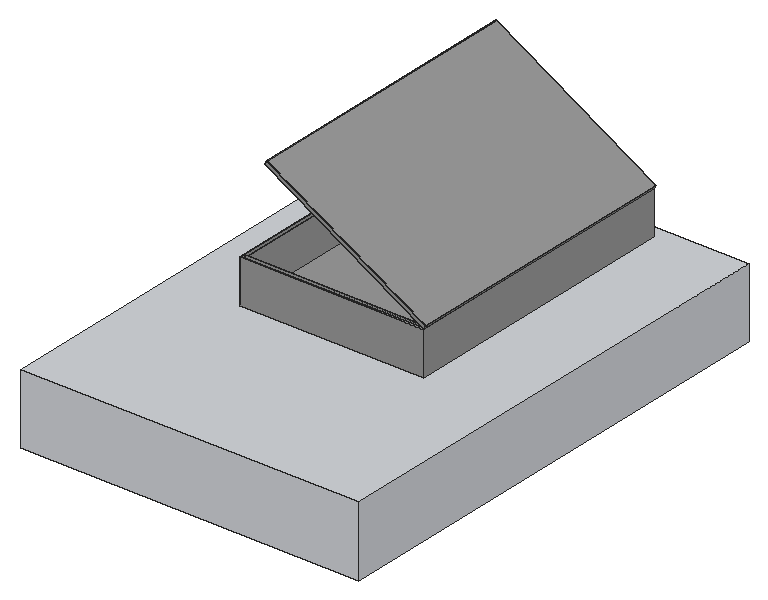
Revit family "Hager-Univers-IP44-D205-H1250-Cl.I-Encl-CH-fr", category Equipement électrique, Revit 2020
Family settings
  Hôte = Face
  Configuration du panneau = Deux colonnes, circuits au sein
  Cote de connecteur circulaire = Utiliser le diamètre
  Type d'élément = Tableau de raccordement
  Couper avec des vides une fois chargée = Non
  Partagée = Non
  Point de calcul de pièce = Non
Parameters (values of type "saillie IP44 L800 H1250 P205  - FP83TN2")
  Width Control [instance] = if([EF000008 - largeur] > Min Width, [EF000008 - largeur], Min Width)  # 800 mm
  Commentaires du type = [HG000003 - Gamme]  # "Univers"
  Thickness Door [instance] = if([EF009171 - épaisseur de matériau de la porte/du couvercle] > 3 mm, 3 mm, [EF009171 - épaisseur de matériau de la porte/du couvercle])  # 1 mm
  Seal Frame Offset [instance] = 17 mm  # constant formula
  Plinth Visibility [instance] = [HG000027 - Hauteur du socle] > 0 mm  # no
  Model = ""
  Min Width [instance] = 100 mm  # constant formula
  Min Height [instance] = 100 mm  # constant formula
  Min Depth [instance] = (2 * [EF009170 - épaisseur de matériau du boîtier]) + 1 mm  # 3 mm
  Internal Frame Depth [instance] = (Door System Depth * 0.5)  # 9 mm
  Height Control [instance] = if([EF000040 - hauteur] > Min Height, [EF000040 - hauteur], Min Height)  # 1250 mm
  HG000027 - Hauteur du socle = 0 mm
  HG000026 - Installation au sol = no
  HG000024 - Hauteur de la section basse = 800 mm
  HG000023 - Armoire double section = no
  HG000016 - Visibilité de la porte 3D [instance] = yes
  HG000015 - Visibilité de l'emprise de la porte [instance] = no
  HG000014 - Porte à droite [instance] = yes
  HG000013 - Porte à gauche [instance] = not([HG000014 - Porte à droite])  # no
  HG000012 - Angle de pivotement de la porte [instance] = 30.00°
  HG000010 - Portes asymétriques = no
  HG000009 - Porte à double battant = no
  HG000006 - Encastré = no
  HG000004 - Référence fabricant = "FP83TN2"
  HG000003 - Gamme = "Univers"
  HG000002 - avec porte = yes
  Frame Offset Bottom [instance] = 10 mm  # constant formula
  Frame Offset [instance] = 15 mm  # constant formula
  EF015940 - couvercle avec décharge de pression = no
  EF011959 - degré de protection (NEMA) = ""
  EF009554 - nombre d'ouvertures pour plaques à bride = 6
  Fabricant = "Hager"  # constant formula
  EF009212 - finition du couvercle = "EV000116 - fermé"
  EF009171 - épaisseur de matériau de la porte/du couvercle = 1 mm
  EF009170 - épaisseur de matériau du boîtier = 1 mm
  EF008873 - courant nominal (In) = 250 A
  EF007800 - adapté à un parafoudre = no
  EF006306 - avec serrure = no
  EF006244 - couvercle/porte transparent(e) = no
  EF005474 - indice de protection (IP) = "EV006418 - IP44"
  EF004464 - type de porte = "EV002646 - unique"
  EF004427 - nombre de modules = 288
  EF004293 - indice de protection contre les chocs (IK) = "EV006815 - IK09"
  EF003532 - convient pour utilisation à l’extérieur = no
  EF002950 - largeur en nombre de modules = 36
  EF001613 - maintien de fonction = "EV000494 - sans"
  EF001596 - matériau du boîtier/corps = "EV000179 - acier"
  EF001131 - profondeur intérieure = 130 mm
  EF001088 - possibilité de montage en saillie = yes
  EF000437 - nombre d'entrées de conduit = 6
  EF000339 - type de capot = "EV001012 - couvercle"
  EF000266 - nombre de rangées = 8
  EF000218 - profondeur d'encastrement = 205 mm
  EF000118 - avec cadre/support de montage = no
  EF000116 - numéro RAL = "9010"
  EF000049 - profondeur = 205 mm
  EF000040 - hauteur = 1250 mm
  EF000008 - largeur = 800 mm
  EF000007 - couleur = "EV000202 - blanc"
  EF000003 - mode de pose = "EV000384 - saillie"
  Door System Leaf Tolerance [instance] = 1.5 mm  # constant formula
  Door System Depth [instance] = 18 mm  # constant formula
  Door Height [instance] = Height Control - [HG000027 - Hauteur du socle]  # 1250 mm
  Depth Control [instance] = if([EF000049 - profondeur] > Min Depth, [EF000049 - profondeur], Min Depth)  # 205 mm
  Default Elevation = 0 mm
  Connector Offset [instance] = Height Control / 2  # 625 mm
  Bottom Top Plate Trim [instance] = 1.5 mm  # constant formula
  Plinth height Ctrl [instance] = if([HG000027 - Hauteur du socle] > 0 mm, [HG000027 - Hauteur du socle], 12 mm)  # 12 mm
Types (10, lengths in mm): name | Width Control | HG000010 - Portes asymétriques | HG000009 - Porte à double battant | HG000004 - Référence fabricant | EF009554 - nombre d'ouvertures pour plaques à bride | EF004464 - type de porte | EF004427 - nombre de modules | EF002950 - largeur en nombre de modules | EF000437 - nombre d'entrées de conduit | EF000218 - profondeur d'encastrement | EF000008 - largeur
  saillie IP44 L1050 H1250 P205  - FP84QT | 1050 | no | no | "FP84QT" | 8 | "EV003602 - double" | 384 | 48 | 8 | 0 | 1050
  saillie IP44 L1050 H1250 P205  - FP84TN2 | 1050 | no | yes | "FP84TN2" | 8 | "EV003602 - double" | 384 | 48 | 8 | 205 | 1050
  saillie IP44 L1300 H1250 P205  - FP85QT | 1300 | no | no | "FP85QT" | 10 | "EV003602 - double" | 480 | 60 | 10 | 0 | 1300
  saillie IP44 L1300 H1250 P205  - FP85TN2 | 1300 | yes | yes | "FP85TN2" | 10 | "EV003602 - double" | 480 | 60 | 10 | 205 | 1300
  saillie IP44 L300 H1250 P205  - FP81QT | 300 | no | no | "FP81QT" | 2 | "EV002646 - unique" | 96 | 12 | 2 | 0 | 300
  saillie IP44 L300 H1250 P205  - FP81TN2 | 300 | no | no | "FP81TN2" | 2 | "EV002646 - unique" | 96 | 12 | 2 | 205 | 300
  saillie IP44 L550 H1250 P205  - FP82QT | 550 | no | no | "FP82QT" | 4 | "EV002646 - unique" | 192 | 24 | 4 | 0 | 550
  saillie IP44 L550 H1250 P205  - FP82TN2 | 550 | no | no | "FP82TN2" | 4 | "EV002646 - unique" | 192 | 24 | 4 | 205 | 550
  saillie IP44 L800 H1250 P205  - FP83QT | 800 | no | no | "FP83QT" | 6 | "EV002646 - unique" | 288 | 36 | 6 | 0 | 800
  saillie IP44 L800 H1250 P205  - FP83TN2 | 800 | no | no | "FP83TN2" | 6 | "EV002646 - unique" | 288 | 36 | 6 | 205 | 800
Reference planes
  plane 1 "Center (Front/Back)": y = 0
  plane 2: z = 0
  plane 3 "Center (Left/Right)": x = 0
  plane 4: z = 205
  plane 5: y = 1
  plane 6: y = 625
  plane 7: y = 0
  plane 8: y = 1250
  plane 9: z = 0
  plane 10: x = -385
  plane 11: x = 385
  plane 12: x = 384
  plane 13: x = -384
  plane 14: y = 1249
  plane 15: x = -383
  plane 16: x = -400
  plane 17: x = 383
  plane 18: x = 400
  plane 19: x = 399
  plane 20: x = -399
  plane 21: y = 11
  plane 22: y = 1250
  plane 23: y = 1234
  plane 24: z = 187
  plane 25: z = 1
  plane 26: z = 186
  plane 27: z = 204
Forms (mm)
  Extrusion 1, solid
    sketch origin (0, 0, 0) x (1, 0, 0) y (0, 1, 0)
      loop
        line (-702.964, 1305) -> (-702.964, -811.445) -> (766.763, -811.445) -> (766.763, 1305) -> (-702.964, 1305)
    from 0 to -304.8
  Extrusion 2, solid, material "Hager_Steel_RAL7035_Light_Grey", visible <- "Plinth Visibility", detail levels medium+fine
    sketch origin (0, 0, 0) x (1, 0, 0) y (0, 1, 0)
      loop
        line (-400, 0) -> (400, 0) -> (400, 12) -> (-400, 12) -> (-400, 0)
    from 0 to 187
  Extrusion 3, solid, material "Hager_Steel_RAL7035_Light_Grey", detail levels medium+fine
    sketch origin (0, 0, 0) x (1, 0, 0) y (0, 1, 0)
      loop
        line (-400, 0) -> (400, 0) -> (400, 1250) -> (-400, 1250) -> (-400, 0)
    from 0 to 187
  Extrusion 4, void
    sketch origin (0, 0, 0) x (1, 0, 0) y (0, 1, 0)
      loop
        line (-399, 1) -> (399, 1) -> (399, 1249) -> (-399, 1249) -> (-399, 1)
    from 1 to 186
  Extrusion 5, void
    sketch origin (-381.607, -4572, 187) x (0, -1, 0) y (-1, 0, 0)
      loop
        line (-4583, 2.393) -> (-5806, 2.393) -> (-5806, -765.607) -> (-4583, -765.607) -> (-4583, 2.393)
    from 0 to 1 <- "EF009170 - épaisseur de matériau du boîtier"
  Extrusion 6, solid, material "Hager_Steel_RAL7035_Light_Grey", detail levels fine
    sketch origin (0, 0, 187) x (1, 0, 0) y (0, 1, 0)
      loop
        line (-384, 1234) -> (-384, 11) -> (384, 11) -> (384, 1234) -> (-384, 1234)
      loop
        line (-385, 10) -> (385, 10) -> (385, 1235) -> (-385, 1235) -> (-385, 10)
    from 0 to 9 <- "Internal Frame Depth"
  Extrusion 7, solid, material "Hager_Steel_RAL7035_Light_Grey", detail levels coarse
    sketch origin (0, 0, 0) x (1, 0, 0) y (0, 1, 0)
      loop
        line (-400, 0) -> (400, 0) -> (400, 1250) -> (-400, 1250) -> (-400, 0)
    from 0 to 205
  Sweep 8, void
    path in 3D
      loop
        line (-400, 12, 0) -> (400, 12, 0) -> (400, 12, 187) -> (-400, 12, 187) -> (-400, 12, 0)
    profile origin (-400, 12, 93.5) x (-1, 0, 0) y (0, -1, 0)
      loop
        line (0, 0) -> (0, 1.5) -> (-1.5, 1.5)
        arc (-1.5, 1.5) -> (-1.061, 0.439) -> (0, 0) r 1.5
Cuts and joins
  Extrusion 4, Extrusion 5 cuts Extrusion 3
  Sweep 8 cuts Extrusion 2
Lines and regions (mm)
  Masking region 1
    outline origin (0, 0, 0) x (1, 0, 0) y (0, 0, 1)
      loop
        line (-400, 205) -> (-400, 0) -> (400, 0) -> (400, 205) -> (-400, 205)
  Masking region 2, detail levels medium+fine
    outline origin (0, 140, 0) x (0, 1, 0) y (0, 0, 1)
      loop
        line (-140, 0) -> (1110, 0) -> (1110, 187) -> (-140, 187) -> (-140, 0)
  Masking region 3, not visible, detail levels medium+fine
    outline origin (0, 297.922, 0) x (0, 1, 0) y (0, 0, 1)
      loop
        line (338.578, 0) -> (378.578, 0) -> (378.578, 194)
        arc (378.578, 194) -> (375.649, 201.071) -> (368.578, 204) r 10
        line (368.578, 204) -> (338.578, 204) -> (338.578, 0)
  Masking region 4, detail levels coarse
    outline origin (0, 0, 180) x (0, 1, 0) y (0, 0, 1)
      loop
        line (0, -180) -> (1250, -180) -> (1250, 25) -> (0, 25) -> (0, -180)
  Masking region 5, visible <- "Plinth Visibility", detail levels medium+fine
    outline origin (0, 52.24, 12.345) x (0, 0, -1) y (0, 1, 0)
      loop
        line (10.845, -40.24) -> (-173.155, -40.24)
        arc (-173.155, -40.24) -> (-173.594, -41.301) -> (-174.655, -41.74) r 1.5
        line (-174.655, -41.74) -> (-174.655, -52.24) -> (12.345, -52.24) -> (12.345, -41.74)
        arc (12.345, -41.74) -> (11.285, -41.301) -> (10.845, -40.24) r 1.5
  Masking region 6, detail levels medium+fine
    outline origin (-381.607, -4572, 187) x (-1, 0, 0) y (0, -1, 0)
      loop
        line (18.393, -5822) -> (18.393, -4572) -> (-781.607, -4572) -> (-781.607, -5822) -> (18.393, -5822)
  Masking region 7, visible <- "Plinth Visibility", detail levels medium+fine
    outline origin (-381.607, -4727, 187) x (-1, 0, 0) y (0, -1, 0)
      loop
        arc (16.893, -4739) -> (17.332, -4737.939) -> (18.393, -4737.5) r 1.5
        line (18.393, -4737.5) -> (18.393, -4727) -> (-781.607, -4727) -> (-781.607, -4737.5)
        arc (-781.607, -4737.5) -> (-780.546, -4737.939) -> (-780.107, -4739) r 1.5
        line (-780.107, -4739) -> (16.893, -4739)
  Masking region 8, detail levels coarse
    outline origin (-442.548, -4669.526, 187) x (-1, 0, 0) y (0, -1, 0)
      loop
        line (-42.548, -5919.526) -> (-42.548, -4669.526) -> (-842.548, -4669.526) -> (-842.548, -5919.526) -> (-42.548, -5919.526)
  sketch lines
    curve 1: line (-400, 12, 187) -> (-400, 12, 0)
    curve 2: line (400, 12, 187) -> (-400, 12, 187)
    curve 3: line (400, 12, 187) -> (400, 12, 0)
    curve 4: line (-400, 12, 0) -> (400, 12, 0)
Dimensions and locks
  "Depth Control": plane 4 to Extrusion 1
  "HG000027 - Hauteur du socle": plane 1 "Center (Front/Back)" to plane 7
  "EF009170 - épaisseur de matériau du boîtier": plane 5 to plane 7
  locked: connector elem to plane 3 "Center (Left/Right)"
  equal spacing: plane 8, plane 6, plane 7
  locked: connector elem to plane 6
  "EF009170 - épaisseur de matériau du boîtier": plane 8 to plane 14
  "EF009170 - épaisseur de matériau du boîtier": plane 10 to plane 13
  "EF009170 - épaisseur de matériau du boîtier": plane 12 to plane 11
  "Frame Offset": plane 20 to plane 13
  "Frame Offset": plane 12 to plane 19
  "EF009170 - épaisseur de matériau du boîtier": plane 16 to plane 20
  "EF009170 - épaisseur de matériau du boîtier": plane 19 to plane 18
  "Seal Frame Offset": plane 16 to plane 15
  "Seal Frame Offset": plane 17 to plane 18
  "Frame Offset Bottom": plane 21 to plane 5
  "Frame Offset": plane 14 to plane 23
  equal spacing: plane 16, plane 3 "Center (Left/Right)", plane 18
  "Width Control": plane 16 to plane 18
  "EF009170 - épaisseur de matériau du boîtier": plane 4 to plane 27
  "EF009170 - épaisseur de matériau du boîtier": plane 24 to plane 26
  "EF009170 - épaisseur de matériau du boîtier": plane 25 to level
  "Door System Depth": plane 4 to plane 24
  "Height Control": plane 1 "Center (Front/Back)" to Extrusion 7 sketch curve
  "Height Control": Masking region 4 sketch curve to plane 1 "Center (Front/Back)"
  "Height Control": plane 1 "Center (Front/Back)" to plane 22
  "Bottom Top Plate Trim": profile plane to Sweep 8 sketch curve
  "Bottom Top Plate Trim": Sweep 8 sketch curve to profile plane
  "Plinth height Ctrl": plane 1 "Center (Front/Back)" to Extrusion 2 sketch curve
  "Plinth height Ctrl": Masking region 5 sketch curve to plane 1 "Center (Front/Back)"
  "Plinth height Ctrl": plane 1 "Center (Front/Back)" to Masking region 7 sketch curve
  "Thickness Door": Extrusion 6 sketch curve to Extrusion 6 sketch curve  (x3)
  "Thickness Door": cut or joined group of Extrusion 3, Extrusion 4, Extrusion 5 to Extrusion 6 sketch curve
  radius of Masking region 3 sketch curve = 10 mm
  "Bottom Top Plate Trim": radius of Masking region 5 sketch curve  (x2)
  "Bottom Top Plate Trim": radius of Sweep 8 sketch curve
  "Bottom Top Plate Trim": radius of Masking region 7 sketch curve  (x2)
  aligned and locked: plane 2 to Extrusion 1
  aligned and locked: level to Extrusion 1
  aligned and locked: level to Masking region 1 sketch curve
  aligned and locked: Masking region 1 sketch curve to plane 18
  aligned and locked: Masking region 1 sketch curve to plane 16
  aligned and locked: plane 7 to Masking region 2 sketch curve
  aligned and locked: level to Masking region 3 sketch curve
  aligned and locked: Masking region 3 sketch curve to plane 27
  aligned and locked: level to Masking region 2 sketch curve
  aligned and locked: plane 1 "Center (Front/Back)" to Extrusion 2 sketch curve
  aligned and locked: Extrusion 3 sketch curve to plane 7
  aligned and locked: plane 16 to Extrusion 3 sketch curve
  aligned and locked: plane 18 to Extrusion 3 sketch curve
  aligned and locked: plane 20 to Extrusion 4 sketch curve
  aligned and locked: plane 19 to Extrusion 4 sketch curve
  aligned and locked: Extrusion 4 sketch curve to plane 5
  aligned and locked: Extrusion 4 to plane 25
  aligned and locked: plane 26 to Extrusion 4
  aligned and locked: plane 24 to Extrusion 3
  aligned and locked: Extrusion 5 sketch curve to plane 21
  aligned and locked: Extrusion 5 sketch curve to plane 13
  aligned and locked: Extrusion 5 sketch curve to plane 12
  aligned and locked: plane 18 to Extrusion 7 sketch curve
  aligned and locked: plane 1 "Center (Front/Back)" to Extrusion 7 sketch curve
  aligned and locked: plane 16 to Extrusion 7 sketch curve
  aligned and locked: plane 4 to Extrusion 7
  aligned and locked: Extrusion 7 to level
  aligned and locked: level to Masking region 4 sketch curve
  aligned and locked: Masking region 4 sketch curve to plane 1 "Center (Front/Back)"
  aligned and locked: Masking region 4 sketch curve to plane 4
  aligned and locked: nested 1 to level
  aligned and locked: nested 1 to plane 16
  aligned and locked: plane 8 to Extrusion 3 sketch curve
  aligned and locked: plane 23 to Extrusion 5 sketch curve
  aligned and locked: plane 14 to Extrusion 4 sketch curve
  aligned and locked: Masking region 2 sketch curve to plane 8
  aligned and locked: level to Masking region 5 sketch curve
  aligned and locked: plane 16 to Extrusion 2 sketch curve
  aligned and locked: plane 18 to Extrusion 2 sketch curve
  aligned and locked: Masking region 5 sketch curve to plane 24
  aligned and locked: Masking region 2 sketch curve to plane 24
  aligned and locked: plane 24 to Extrusion 2
  aligned and locked: profile plane to Sweep 8 sketch curve  (x2)
  aligned and locked: Masking region 6 sketch curve to plane 18
  aligned and locked: Masking region 6 sketch curve to plane 22
  aligned and locked: Masking region 6 sketch curve to plane 16
  aligned and locked: plane 8 to plane 22
  aligned and locked: Masking region 6 sketch curve to plane 7
  aligned and locked: Masking region 7 sketch curve to plane 16
  aligned and locked: Masking region 7 sketch curve to plane 1 "Center (Front/Back)"
  aligned and locked: Masking region 7 sketch curve to plane 18
  aligned and locked: Masking region 8 sketch curve to plane 1 "Center (Front/Back)"
  aligned and locked: Masking region 8 sketch curve to plane 18
  aligned and locked: Masking region 8 sketch curve to plane 22
  aligned and locked: Masking region 8 sketch curve to plane 16
  aligned and locked: nested 2 to plane 7
  aligned and locked: plane 3 "Center (Left/Right)" to nested 2
  aligned and locked: nested 2 to plane 24
  aligned and locked: Extrusion 6 sketch curve to cut or joined group of Extrusion 3, Extrusion 4, Extrusion 5  (x4)
Automatic sketch dimensions
  Extrusion 1 sketch curve to Extrusion 1 sketch curve = 1469.727 mm
  Extrusion 1 sketch curve to Extrusion 1 sketch curve = 2116.445 mm
  Masking region 1 sketch curve to plane 4 = 0 mm
  plane 6 to Masking region 3 sketch curve = 11.5 mm
  Masking region 3 sketch curve to Masking region 3 sketch curve = 30 mm
  Masking region 5 sketch curve to plane 1 "Center (Front/Back)" = 0 mm
Nested families
  nested 1: "Hager_Enclosure_Symbol" at (-400, 0, 0) x (1, 0, 0) z (0, -1, 0), Height <- "Depth Control", Width <- "Width Control", type "Hager_Enclosure_Symbol"
    with Width_Ctrl 800 mm, Width 800 mm, Height_Ctrl 205 mm, Height 205 mm, A_Width_Int 13.453 mm, A_Width 161.438 mm, A_Height_Ctrl 179.375 mm, A_Height 179.375 mm
  nested 2: "EC000058_Univers_Door" at (0, 0, 187) x (1, 0, 0) z (0, 1, 0), Leaf_Tolerance <- "Door System Leaf Tolerance", Angle <- "HG000012 - Angle de pivotement de la porte", Door_Depth <- "Door System Depth", Door_Left <- "HG000013 - Porte à gauche", Transparent <- "EF006244 - couvercle/porte transparent(e)", Assymetrical <- "HG000010 - Portes asymétriques", Width <- "Width Control", Clearance <- "HG000015 - Visibilité de l'emprise de la porte", Double <- "HG000009 - Porte à double battant", 3d_Door <- "HG000016 - Visibilité de la porte 3D", Lock_Visibility <- "EF006306 - avec serrure", Width_Ctrl <- "Width Control", Door_Right <- "HG000014 - Porte à droite", Door <- "HG000002 - avec porte", Height <- "Door Height", Thickness <- "Thickness Door", type "EC000058_Univers_Door", detail levels medium+fine
    with min_wh 3 mm, Width_Ctrl 800 mm, Width 800 mm, Transparent no, Thickness 1 mm, Seal_Material Hager_Rubber, Lock_Visibility no, Lock_Material Hager_Plastic_RAL9005_Jet_Black, Leaf_Width 800 mm, Leaf_Tolerance_External_Sides 0 mm, Leaf_Tolerance 1.5 mm, Leaf_Offset 0 mm, Leaf_Height 1247 mm, Leaf_2_Width 800 mm, Leaf_2_Offset 400 mm, Leaf_1_Width 800 mm, Leaf_1_Offset 400 mm, Height_Ctrl 1250 mm, Height 1250 mm, Glass_Material Hager_Glass, Double_Clearance_Ctrl no, Double no, Door_Right_Ctrl yes, Door_Right yes, Door_Material Hager_Steel_RAL7035_Light_Grey, Door_Left_Ctrl no, Door_Left no, Door_Depth 18 mm, Door yes, Clearance_Material Hager_Clearance, Clearance_Depth 800 mm, Clearance_Ctrl no, Clearance no, Assymetrical no, Angle 30.00°, 3d_Door yes
Connectors
  electrical at (0, 625, 0)
    settings: on plane 9, index 1, voltage 0 V, apparent load 0 VA, apparent load phase1 0 VA, apparent load phase2 0 VA, apparent load phase3 0 VA, power factor 1, load classification "Other", number of poles 1, system type 30, power factor state 1, is connector primary yes, connector utility no, sub classification motor no, connector description ""
Definition of nested family "EC000058_Univers_Door"
  Parameters (values of type "EC000058_Univers_Door")
    min_wh [instance] = (2 * Thickness) + 1 mm  # 11 mm
    Width_Ctrl [instance] = 400 mm
    Width [instance] = 500 mm
    Transparent [instance] = yes
    Thickness [instance] = 5 mm
    Seal_Material [instance] = none
    Lock_Visibility [instance] = yes
    Lock_Material [instance] = none
    Leaf_Width [instance] = if((Width_Ctrl - 2 * Leaf_Tolerance_External_Sides) > 0 mm, (Width_Ctrl - 2 * Leaf_Tolerance_External_Sides), min_wh)  # 400 mm
    Leaf_Tolerance_External_Sides [instance] = 0 mm  # constant formula
    Leaf_Tolerance [instance] = 1.5 mm
    Leaf_Offset [instance] = 0 mm  # constant formula
    Leaf_Height [instance] = if((Height_Ctrl - 2 * Leaf_Tolerance) > 0 mm, (Height_Ctrl - 2 * Leaf_Tolerance), min_wh)  # 497 mm
    Leaf_2_Width [instance] = if(and(and(Double, Assymetrical), Door_Left), (Leaf_Width / 3) - (Leaf_Tolerance / 2), if(and(and(Double, Assymetrical), Door_Right), (Leaf_Width / 3) * 2 - (Leaf_Tolerance / 2), if(and(Double, not(Assymetrical)), (Leaf_Width / 2) - Leaf_Tolerance, Leaf_Width)))  # 400 mm
    Leaf_2_Offset [instance] = if(and(Double, Assymetrical), Leaf_2_Width / 2, if(and(Double, not(Assymetrical)), Leaf_Width / 4, Leaf_Width / 2))  # 200 mm
    Leaf_1_Width [instance] = if(and(and(Double, Assymetrical), Door_Right), (Leaf_Width / 3) - (Leaf_Tolerance / 2), if(and(and(Double, Assymetrical), Door_Left), (Width / 3) * 2 - (Leaf_Tolerance / 2), if(and(Double, not(Assymetrical)), (Leaf_Width / 2) - Leaf_Tolerance, Leaf_Width)))  # 400 mm
    Leaf_1_Offset [instance] = if(and(Double, Assymetrical), Leaf_1_Width / 2, if(and(Double, not(Assymetrical)), Leaf_Width / 4, Leaf_Width / 2))  # 200 mm
    Height_Ctrl [instance] = if(Height > min_wh, Height, min_wh)  # 500 mm
    Height [instance] = 500 mm
    Glass_Material [instance] = none
    Double_Clearance_Ctrl [instance] = and(Double, Clearance)  # no
    Double [instance] = no
    Door_Right_Ctrl [instance] = and(or(Door_Right, Double), Door)  # yes
    Door_Right [instance] = yes
    Door_Material [instance] = none
    Door_Left_Ctrl [instance] = and(or(Door_Left, Double), Door)  # no
    Door_Left [instance] = no
    Door_Depth [instance] = 30 mm
    Door [instance] = yes
    Default Elevation = 1219.2 mm
    Clearance_Material [instance] = none
    Clearance_Depth [instance] = if(Leaf_1_Width > Leaf_2_Width, Leaf_1_Width, Leaf_2_Width)  # 400 mm
    Clearance_Ctrl [instance] = and(not(Double), Clearance)  # yes
    Clearance [instance] = yes
    Assymetrical [instance] = yes
    Angle [instance] = 30.00°
    3d_Door [instance] = yes
  Reference planes
    plane 1 "Center (Front/Back)": y = 0
    plane 2 "Bottom": z = 0
    plane 3 "Center (Left/Right)": x = 0
    plane 4: z = 500
    plane 5: x = -200
    plane 6: x = 200
    plane 7: z = 500
    plane 8: x = -200
    plane 9: z = 0
    plane 10: x = 200
    plane 11: y = 0
    plane 12: z = 1.5
    plane 13: x = -600
    plane 14: y = -400
    plane 15: x = 600
    plane 16: x = 0
    plane 17: x = 0
    plane 18: x = -200
    plane 19: x = 200
    plane 20: z = 498.5
  Forms (mm)
    Extrusion 1, solid, material <- "Clearance_Material", visible <- "Double_Clearance_Ctrl"
      sketch origin (1200, 0, 0) x (1, 0, 0) y (0, 0, -1)
        loop
          line (-1800, -498.5) -> (-600, -498.5) -> (-600, 0) -> (-1800, 0) -> (-1800, -498.5)
      from 0 to -400
  Dimensions and locks
    equal spacing: plane 5, plane 3 "Center (Left/Right)", plane 6
    "Width_Ctrl": plane 5 to plane 6
    "Leaf_Offset": plane 5 to plane 8
    "Leaf_Offset": plane 6 to plane 10
    "Leaf_Offset": plane 9 to level
    "Leaf_Offset": plane 4 to plane 7
    "Height_Ctrl": plane 4 to level
    "Leaf_Tolerance": plane 12 to plane 9
    locked: plane 11 to plane 1 "Center (Front/Back)"
    "Leaf_1_Offset": plane 18 to plane 16
    "Leaf_2_Offset": plane 17 to plane 19
    "Leaf_1_Width": plane 13 to plane 8
    "Leaf_2_Width": plane 10 to plane 15
    "Clearance_Depth": plane 14 to plane 1 "Center (Front/Back)"
    "Leaf_Tolerance_External_Sides": plane 8 to plane 18
    "Leaf_Tolerance_External_Sides": plane 19 to plane 10
    "Leaf_Tolerance": plane 7 to plane 20
    aligned and locked: level to plane 2 "Bottom"
    aligned and locked: nested 1 to plane 16
    aligned and locked: nested 2 to plane 17
    aligned and locked: Extrusion 1 to plane 13
    aligned and locked: plane 15 to Extrusion 1
    aligned and locked: Extrusion 1 to plane 14
    aligned and locked: plane 12 to nested 1
    aligned and locked: nested 2 to plane 12
    aligned and locked: Extrusion 1 to plane 11
    aligned and locked: plane 20 to Extrusion 1
    aligned and locked: nested 2 to plane 11
    aligned and locked: nested 1 to plane 11
  Automatic sketch dimensions
    Extrusion 1 sketch curve to level = 0 mm
    plane 5 to Extrusion 1 sketch curve = 400 mm
    plane 6 to Extrusion 1 sketch curve = 400 mm
    Extrusion 1 sketch curve to plane 4 = 1.5 mm
  Nested families
    nested 1: "EC000058_Univers_Door_Leaf" at (0, 0, 1.5), Width <- "Leaf_1_Width", visible <- "Door_Left_Ctrl", Leaf_Height <- "Leaf_Height", Angle <- "Angle", 3d_Door <- "3d_Door", Transparent <- "Transparent", Clearance Material <- "Clearance_Material", Clearance <- "Clearance_Ctrl", Door_Material <- "Door_Material", Glass_Material <- "Glass_Material", Door_Depth <- "Door_Depth", Lock_Material <- "Lock_Material", Seal_Material <- "Seal_Material", Lock_Visibility <- "Lock_Visibility", Thickness <- "Thickness", type "EC000058_Univers_Door_Leaf"
      with Width 400 mm, Transparent_Glass_Offset 30 mm, Transparent_Ctrl yes, Transparent yes, Thickness 5 mm, Standard no, Seal_Material none, Seal_D2 8 mm, Seal_D1 1 mm, Offset_Internal_Frame 10 mm, Lock_Width 20 mm, Lock_Visibility_3d yes, Lock_Visibility yes, Lock_Thickness_3 3 mm, Lock_Thickness_2 1 mm, Lock_Thickness_1 3 mm, Lock_Radius_Offset_2 16 mm, Lock_Radius_Offset_1 15 mm, Lock_Radius_2 5 mm, Lock_Radius 6 mm, Lock_Offset 5 mm, Lock_Material none, Lock_Height 80 mm, Lock_Cover_Top_Offset_2d 17 mm, Lock_Cover_Height -65 mm, Leaf_Height 497 mm, Internal_Seal_Thickness 8 mm, Internal_Seal_Depth_2 4.5 mm, Internal_Frame_Depth 25 mm, Glass_Thickness -1 mm, Glass_Offset -2 mm, Glass_Material none, Door_Material none, Door_Depth 30 mm, Clearance Material none, Clearance yes, Angle_Ctrl 30.00°, Angle 30.00°, 3d_Door yes
    nested 2: "EC000058_Univers_Door_Leaf" at (0, 0, 1.5) x (-1, 0, 0) z (0, 0, 1), Width <- "Leaf_2_Width", visible <- "Door_Right_Ctrl", Leaf_Height <- "Leaf_Height", Angle <- "Angle", 3d_Door <- "3d_Door", Transparent <- "Transparent", Clearance Material <- "Clearance_Material", Clearance <- "Clearance_Ctrl", Door_Material <- "Door_Material", Glass_Material <- "Glass_Material", Door_Depth <- "Door_Depth", Lock_Material <- "Lock_Material", Seal_Material <- "Seal_Material", Lock_Visibility <- "Lock_Visibility", Thickness <- "Thickness", type "EC000058_Univers_Door_Leaf"
      with Width 400 mm, Transparent_Glass_Offset 30 mm, Transparent_Ctrl yes, Transparent yes, Thickness 5 mm, Standard no, Seal_Material none, Seal_D2 8 mm, Seal_D1 1 mm, Offset_Internal_Frame 10 mm, Lock_Width 20 mm, Lock_Visibility_3d yes, Lock_Visibility yes, Lock_Thickness_3 3 mm, Lock_Thickness_2 1 mm, Lock_Thickness_1 3 mm, Lock_Radius_Offset_2 16 mm, Lock_Radius_Offset_1 15 mm, Lock_Radius_2 5 mm, Lock_Radius 6 mm, Lock_Offset 5 mm, Lock_Material none, Lock_Height 80 mm, Lock_Cover_Top_Offset_2d 17 mm, Lock_Cover_Height -65 mm, Leaf_Height 497 mm, Internal_Seal_Thickness 8 mm, Internal_Seal_Depth_2 4.5 mm, Internal_Frame_Depth 25 mm, Glass_Thickness -1 mm, Glass_Offset -2 mm, Glass_Material none, Door_Material none, Door_Depth 30 mm, Clearance Material none, Clearance yes, Angle_Ctrl 30.00°, Angle 30.00°, 3d_Door yes
  Definition of nested family "EC000058_Univers_Door_Leaf"
    Parameters (values of type "EC000058_Univers_Door_Leaf")
      Width [instance] = 2000 mm
      Transparent_Glass_Offset [instance] = 30 mm
      Transparent_Ctrl [instance] = and(Transparent, [3d_Door])  # yes
      Transparent [instance] = yes
      Thickness [instance] = 5 mm
      Standard [instance] = and(not(Transparent), [3d_Door])  # no
      Seal_Material [instance] = none
      Seal_D2 [instance] = 8 mm  # constant formula
      Seal_D1 [instance] = 1 mm  # constant formula
      Offset_Internal_Frame [instance] = 10 mm  # constant formula
      Lock_Width [instance] = 20 mm  # constant formula
      Lock_Visibility_3d [instance] = and(Lock_Visibility, [3d_Door])  # yes
      Lock_Visibility [instance] = yes
      Lock_Thickness_3 [instance] = 3 mm  # constant formula
      Lock_Thickness_2 [instance] = 1 mm  # constant formula
      Lock_Thickness_1 [instance] = 3 mm  # constant formula
      Lock_Radius_Offset_2 [instance] = Lock_Radius_Offset_1 + 1 mm  # 16 mm
      Lock_Radius_Offset_1 [instance] = 15 mm  # constant formula
      Lock_Radius_2 [instance] = Lock_Radius - 1 mm  # 5 mm
      Lock_Radius [instance] = 6 mm  # constant formula
      Lock_Offset [instance] = 5 mm  # constant formula
      Lock_Material [instance] = none
      Lock_Height [instance] = 80 mm  # constant formula
      Lock_Cover_Top_Offset_2d [instance] = Lock_Radius_Offset_2 + 1 mm  # 17 mm
      Lock_Cover_Height [instance] = -(Lock_Height - Lock_Radius_Offset_1)  # -65 mm
      Leaf_Height [instance] = 2720.336 mm
      Internal_Seal_Thickness [instance] = 8 mm  # constant formula
      Internal_Seal_Depth_2 [instance] = 4.5 mm  # constant formula
      Internal_Frame_Depth [instance] = if(Door_Depth - Thickness > 5 mm, Door_Depth - Thickness, 5 mm)  # 25 mm
      Glass_Thickness [instance] = if(Thickness > 15 mm, Glass_Offset + 10 mm, -1 mm)  # -1 mm
      Glass_Offset [instance] = if(Thickness > 15 mm, -(Thickness + 10 mm) / 2, -2 mm)  # -2 mm
      Glass_Material [instance] = none
      Door_Material [instance] = none
      Door_Depth [instance] = 30 mm
      Default Elevation = 0 mm
      Clearance Material [instance] = none
      Clearance [instance] = yes
      Angle_Ctrl [instance] = if(Angle > 180.00°, 180.00°, Angle)  # 90.00°
      Angle [instance] = 90.00°
      3d_Door [instance] = yes
    Reference planes
      plane 1 "Center (Front/Back)": y = 0
      plane 2: z = 0
      plane 3 "Center (Left/Right)": x = 0
      plane 4: y = 2000
      plane 5: x = -1000
      plane 6: x = 1000
      plane 7: x = -3000
      plane 8: z = 2720.336
      plane 9: z = 30
      plane 10: z = 2690.336
      plane 11: x = 970
      plane 12: x = -970
      plane 13: y = -3
      plane 14: z = 107.833
      plane 15: y = -5
      plane 16: y = -223.314
      plane 17: x = -1000
      plane 18: z = 1360.168
      plane 19: y = 30
    Forms (mm)
      Extrusion 1, solid, material <- "Clearance Material", visible <- "Clearance"
        sketch origin (0, 0, 0) x (1, 0, 0) y (0, 0, 1)
          loop
            line (-3000, 2720.336) -> (-3000, 0) -> (1000, 0) -> (1000, 2720.336) -> (-3000, 2720.336)
        from 0 to -2000
      Extrusion 2, solid, material <- "Door_Material", visible <- "Standard", detail levels medium+fine
        sketch origin (-1000, 0, 0) x (0, 1, 0) y (-1, 0, 0)
          loop
            line (0, 30) -> (0, 25) -> (2000, 25) -> (2000, 30) -> (0, 30)
        from 0 to 2720.336 <- "Leaf_Height"
      Extrusion 3, solid, material <- "Door_Material", visible <- "Transparent_Ctrl", detail levels medium+fine
        sketch origin (-1000, 0, 0) x (0, 1, 0) y (-1, 0, 0)
          loop
            line (0, 25) -> (2000, 25) -> (2000, 30) -> (0, 30) -> (0, 25)
        from 0 to 2720.336 <- "Leaf_Height"
      Extrusion 4, void
        sketch origin (-1025, 2000, 0) x (0, 1, 0) y (0, 0, -1)
          loop
            line (-30, -2690.336) -> (-30, -30) -> (-1970, -30) -> (-1970, -2690.336) -> (-30, -2690.336)
        from 0 to 5 <- "Thickness"
      Sweep 5, solid, material <- "Seal_Material", visible <- "Transparent_Ctrl", detail levels fine
        path in 3D
          loop
            line (-1025, 30, 30) -> (-1025, 30, 2690.336) -> (-1025, 1970, 2690.336) -> (-1025, 1970, 30) -> (-1025, 30, 30)
        profile origin (-1025, 1000, 30) x (1, 0, 0) y (0, 0, 1)
          loop
            line (0, 0) -> (0, -8) -> (1, -8) -> (1, 0) -> (0, 0)
      Extrusion 6, solid, material <- "Glass_Material", visible <- "Transparent_Ctrl", detail levels medium+fine
        sketch origin (-1030, 0, 0) x (0, 1, 0) y (0, 0, -1)
          loop
            line (1970, -2690.336) -> (1970, -30) -> (30, -30) -> (30, -2690.336) -> (1970, -2690.336)
        from -2 <- "Glass_Offset" to -1 <- "Glass_Thickness"
      Extrusion 7, solid, material <- "Door_Material", visible <- "3d_Door", detail levels medium+fine
        sketch origin (-1025, 2000, 0) x (0, -1, 0) y (0, 0, -1)
          loop
            line (0, -2720.336) -> (2000, -2720.336) -> (2000, 0) -> (0, 0) -> (0, -2720.336)
          loop
            line (1995, -5) -> (5, -5) -> (5, -2715.336) -> (1995, -2715.336) -> (1995, -5)
        from 0 to 25 <- "Internal_Frame_Depth"
      Sweep 8, solid, material <- "Seal_Material", visible <- "Transparent_Ctrl", detail levels fine
        path in 3D
          loop
            line (-1025, 0, 0) -> (-1025, 2000, 0) -> (-1025, 2000, 2720.336) -> (-1025, 0, 2720.336) -> (-1025, 0, 0)
        profile origin (-1025, 0, 1360.168) x (1, 0, 0) y (0, 1, 0)
          loop
            line (0, 10) -> (2.975, 10)
            arc (2.975, 10) -> (4.053, 10.447) -> (4.5, 11.525) r 1.525
            line (4.5, 11.525) -> (4.5, 16.527)
            arc (4.5, 16.527) -> (4.069, 17.569) -> (3.027, 18) r 1.473
            line (3.027, 18) -> (0, 18) -> (0, 10)
      Extrusion 9, solid, material <- "Lock_Material", visible <- "Lock_Visibility_3d", detail levels fine
        sketch origin (-1030, 0, 0) x (0, 1, 0) y (0, 0, -1)
          loop
            arc (1993.5, -1400.168) -> (1994.561, -1399.729) -> (1995, -1398.668) r 1.5
            line (1995, -1398.668) -> (1995, -1320.168) -> (1975, -1320.168) -> (1975, -1398.668)
            arc (1975, -1398.668) -> (1975.439, -1399.729) -> (1976.5, -1400.168) r 1.5
            line (1976.5, -1400.168) -> (1993.5, -1400.168)
        from 3 <- "Lock_Thickness_1" to 0
      Blend 10, solid, material <- "Lock_Material", visible <- "Lock_Visibility_3d", detail levels fine
        base sketch origin (-1033, 0, 0) x (0, 1, 0) y (0, 0, -1)
          loop
            line (1975, -1320.168) -> (1975, -1398.668)
            arc (1975, -1398.668) -> (1975.439, -1399.729) -> (1976.5, -1400.168) r 1.5
            line (1976.5, -1400.168) -> (1993.5, -1400.168)
            arc (1993.5, -1400.168) -> (1994.561, -1399.729) -> (1995, -1398.668) r 1.5
            line (1995, -1398.668) -> (1995, -1320.168) -> (1975, -1320.168)
        top sketch origin (-1033, 0, 0) x (0, 1, 0) y (0, 0, -1)
          loop
            line (1976, -1320.168) -> (1976, -1398.668)
            arc (1976, -1398.668) -> (1976.146, -1399.022) -> (1976.5, -1399.168) r 0.5
            line (1976.5, -1399.168) -> (1993.5, -1399.168)
            arc (1993.5, -1399.168) -> (1993.854, -1399.022) -> (1994, -1398.668) r 0.5
            line (1994, -1398.668) -> (1994, -1320.168) -> (1976, -1320.168)
        from 0 to 1 <- "Lock_Thickness_2"
      Blend 11, solid, material <- "Lock_Material", visible <- "Lock_Visibility_3d", detail levels fine
        base sketch origin (-1034, 0, 0) x (0, 1, 0) y (0, 0, -1)
          loop
            line (1978, -1320.168) -> (1978, -1384.168)
            arc (1978, -1384.168) -> (1985, -1391.168) -> (1992, -1384.168) r 7
            line (1992, -1384.168) -> (1992, -1320.168) -> (1978, -1320.168)
        top sketch origin (-1034, 0, 0) x (0, 1, 0) y (0, 0, -1)
          loop
            line (1991, -1320.168) -> (1979, -1320.168) -> (1979, -1383.168)
            arc (1979, -1383.168) -> (1985, -1389.168) -> (1991, -1383.168) r 6
            line (1991, -1383.168) -> (1991, -1320.168)
        from 0 to 3 <- "Lock_Thickness_3"
      Extrusion 12, solid, material <- "Lock_Material", visible <- "Lock_Visibility_3d", detail levels fine
        sketch origin (-1030, 1975, 1320.168) x (1, 0, 0) y (0, -1, 0)
          loop
            line (-7, -19) -> (-7, -1) -> (0, -1) -> (0, 0) -> (-8, 0) -> (-8, -20) -> (0, -20) -> (0, -19) -> (-7, -19)
        from 0 to -65 <- "Lock_Cover_Height"
      Extrusion 13, void
        sketch origin (-1038, 1995, 1320.168) x (-1, 0, 0) y (0, 0, -1)
          loop
            line (-5, -65) -> (0, -65) -> (-5, -60) -> (-5, -65)
        from 0 to 20 <- "Lock_Width"
      Extrusion 14, void
        sketch origin (-1038, 1975, 1320.168) x (0, -1, 0) y (0, 0, -1)
          loop
            circle (-10, -15.995) r 6
          loop
            circle (-10, -15.995) r 5
        from 0 to 2
      Extrusion 15, solid, material <- "Lock_Material", visible <- "Lock_Visibility_3d", detail levels medium
        sketch origin (-1030, 0, 0) x (0, 1, 0) y (0, 0, -1)
          loop
            arc (1993.5, -1400.168) -> (1994.561, -1399.729) -> (1995, -1398.668) r 1.5
            line (1995, -1398.668) -> (1995, -1320.168) -> (1975, -1320.168) -> (1975, -1398.668)
            arc (1975, -1398.668) -> (1975.439, -1399.729) -> (1976.5, -1400.168) r 1.5
            line (1976.5, -1400.168) -> (1993.5, -1400.168)
        from 8 to 0
    Cuts and joins
      Extrusion 4 cuts Extrusion 3
      Extrusion 13, Extrusion 14 cuts Extrusion 9
      Extrusion 14 cuts Blend 11
      Extrusion 13, Extrusion 14 cuts Extrusion 12
      joined: Extrusion 9, Blend 10, Blend 11, Extrusion 12
      Extrusion 14 cuts Extrusion 15
    Lines and regions (mm)
      Masking region 1, visible <- "Lock_Visibility", detail levels fine
        outline origin (0, 0, 0) x (0, 1, 0) y (0, 0, 1)
          loop
            line (30, 1320.168) -> (33, 1320.168) -> (33, 1400.168) -> (30, 1400.168) -> (30, 1320.168)
      Masking region 2, visible <- "Lock_Visibility", detail levels fine
        outline origin (0, 3.143, 0) x (0, 1, 0) y (0, 0, 1)
          loop
            line (29.857, 1354.168) -> (30.857, 1354.168) -> (30.857, 1366.168) -> (29.857, 1366.168) -> (29.857, 1354.168)
      Masking region 3, detail levels medium+fine
        outline origin (0, 0, 0) x (0, 1, 0) y (0, 0, 1)
          loop
            line (0, 0) -> (30, 0) -> (30, 2720.336) -> (0, 2720.336) -> (0, 0)
      Masking region 4, detail levels medium+fine
        outline origin (0, 0, 0) x (1, 0, 0) y (0, 0, 1)
          loop
            line (-1000, 2720.336) -> (-1000, 0) -> (1000, 0) -> (1000, 2720.336) -> (-1000, 2720.336)
      Masking region 5, visible <- "Lock_Visibility", detail levels fine
        outline origin (-47.116, 0, 0) x (1, 0, 0) y (0, 0, 1)
          loop
            arc (1024.616, 1399.168) -> (1023.556, 1398.729) -> (1023.116, 1397.668) r 1.5
            line (1023.116, 1397.668) -> (1023.116, 1320.168) -> (1041.116, 1320.168) -> (1041.116, 1397.668)
            arc (1041.116, 1397.668) -> (1040.677, 1398.729) -> (1039.616, 1399.168) r 1.5
            line (1039.616, 1399.168) -> (1024.616, 1399.168)
      Masking region 6, visible <- "Lock_Visibility", detail levels medium+fine
        outline origin (-25, 0, 0) x (1, 0, 0) y (0, 0, 1)
          loop
            arc (1001.5, 1400.168) -> (1000.439, 1399.729) -> (1000, 1398.668) r 1.5
            line (1000, 1398.668) -> (1000, 1320.168) -> (1020, 1320.168) -> (1020, 1398.668)
            arc (1020, 1398.668) -> (1019.561, 1399.729) -> (1018.5, 1400.168) r 1.5
            line (1018.5, 1400.168) -> (1001.5, 1400.168)
      Masking region 7, visible <- "Lock_Visibility", detail levels fine
        outline origin (-73.735, 0, 0) x (1, 0, 0) y (0, 0, 1)
          loop
            line (1051.735, 1382.168) -> (1065.735, 1382.168) -> (1065.735, 1384.168)
            arc (1065.735, 1384.168) -> (1058.735, 1391.168) -> (1051.735, 1384.168) r 7
            line (1051.735, 1384.168) -> (1051.735, 1382.168)
      Masking region 8, visible <- "Lock_Visibility", detail levels fine
        outline origin (-73.735, 0, 0) x (1, 0, 0) y (0, 0, 1)
          loop
            line (1052.735, 1382.168) -> (1064.735, 1382.168) -> (1064.735, 1383.168)
            arc (1064.735, 1383.168) -> (1058.735, 1389.168) -> (1052.735, 1383.168) r 6
            line (1052.735, 1383.168) -> (1052.735, 1382.168)
      Masking region 9, visible <- "Lock_Visibility", detail levels fine
        outline origin (-25, 0, 0) x (1, 0, 0) y (0, 0, 1)
          loop
            line (1020, 1320.168) -> (1020, 1382.168) -> (1000, 1382.168) -> (1000, 1320.168) -> (1020, 1320.168)
      Masking region 10, detail levels medium+fine
        outline origin (0, 0, 0) x (1, 0, 0) y (0, 0, 1)
          loop
            circle (985, 1335.144) r 6
      Masking region 11, detail levels fine
        outline origin (0, 0, 0) x (1, 0, 0) y (0, 0, 1)
          loop
            circle (985, 1335.144) r 5
      Masking region 12, visible <- "Lock_Visibility", detail levels fine
        outline origin (0, 12.767, 0) x (0, 1, 0) y (0, 0, 1)
          loop
            line (20.233, 1320.168) -> (21.233, 1320.168) -> (21.233, 1399.168) -> (20.233, 1400.168) -> (20.233, 1320.168)
      Masking region 13, visible <- "Lock_Visibility", detail levels fine
        outline origin (0, 13.767, -10) x (0, 1, 0) y (0, 0, 1)
          loop
            line (20.233, 1330.168) -> (23.233, 1330.168) -> (23.233, 1399.168) -> (20.233, 1402.168) -> (20.233, 1330.168)
      Masking region 14, visible <- "Lock_Visibility", detail levels fine
        outline origin (0, 12.767, -10) x (0, 1, 0) y (0, 0, 1)
          loop
            line (20.233, 1330.168) -> (25.233, 1330.168) -> (25.233, 1399.305) -> (20.233, 1394.305) -> (20.233, 1330.168)
      Masking region 15, visible <- "Lock_Visibility", detail levels medium
        outline origin (0, 0, 0) x (0, 1, 0) y (0, 0, 1)
          loop
            line (30, 1320.168) -> (38, 1320.168) -> (38, 1400.168) -> (30, 1400.168) -> (30, 1320.168)
      Masking region 16, visible <- "Lock_Visibility", detail levels fine
        outline origin (-1000, 0, 0) x (0, 1, 0) y (-1, 0, 0)
          loop
            line (1975, 30) -> (1995, 30) -> (1995, 38) -> (1975, 38) -> (1975, 30)
          loop
            line (1979, 37) -> (1976, 37) -> (1976, 34) -> (1978, 34) -> (1979, 37)
          loop
            line (1994, 37) -> (1991, 37) -> (1992, 34) -> (1994, 34) -> (1994, 37)
      Masking region 17, visible <- "Lock_Visibility", detail levels medium
        outline origin (-1000, 0, 0) x (0, 1, 0) y (-1, 0, 0)
          loop
            line (1975, 30) -> (1995, 30) -> (1995, 38) -> (1975, 38) -> (1975, 30)
      symbolic lines
        curve 1: line (1000, 0, 0) -> (-3000, 0, 0)
        curve 2: arc (1000, 0, 0) -> (-1000, 2000, 0) -> (-3000, 0, 0) r 2000
        curve 4: line (-1030, 0, 0) -> (-1030, 2000, 0)
      reference lines
        curve 3: line (-1000, 0, 0) -> (-1000, 2000, 0)
      symbolic lines, detail levels medium+fine
        curve 5: line (-1030, 2000, 0) -> (-1025, 2000, 0)
        curve 7: line (-1025, 0, 0) -> (-1030, 0, 0)
        curve 8: line (-1025, 0, 0) -> (-1000, 0, 0)
        curve 9: line (-1000, 0, 0) -> (-1000, 2000, 0)
        curve 10: line (-1000, 2000, 0) -> (-1025, 2000, 0)
      symbolic lines, detail levels fine
        curve 6: line (-1025, 2000, 0) -> (-1025, 0, 0)
      sketch lines
        curve 11: line (-1025, 0, 2720.336) -> (-1025, 0, 0)
        curve 12: line (-1025, 2000, 0) -> (-1025, 0, 0)
        curve 13: line (-1025, 2000, 2720.336) -> (-1025, 2000, 0)
        curve 14: line (-1025, 0, 2720.336) -> (-1025, 2000, 2720.336)
        curve 15: line (-1025, 1970, 30) -> (-1025, 30, 30)
        curve 16: line (-1025, 30, 30) -> (-1025, 30, 2690.336)
        curve 17: line (-1025, 1970, 2690.336) -> (-1025, 1970, 30)
        curve 18: line (-1025, 30, 2690.336) -> (-1025, 1970, 2690.336)
      symbolic lines, visible <- "Transparent", detail levels medium+fine
        curve 19: line (-970, 0, 2690.336) -> (970, 0, 2690.336)
        curve 20: line (-970, 0, 30) -> (-970, 0, 2690.336)
        curve 21: line (970, 0, 30) -> (-970, 0, 30)
        curve 22: line (970, 0, 2690.336) -> (970, 0, 30)
    Dimensions and locks
      "Width": plane 1 "Center (Front/Back)" to plane 4
      equal spacing: plane 5, plane 3 "Center (Left/Right)", plane 6
      "Width": plane 5 to plane 6
      "Width": plane 7 to plane 5
      "Leaf_Height": plane 8 to level
      "Width": curve 5 to curve 3
      "Width": curve 3 to curve 3
      plane 8 to plane 10 = 30 mm
      plane 9 to level = 30 mm
      plane 12 to plane 5 = 30 mm
      plane 6 to plane 11 = 30 mm
      Extrusion 1 to Extrusion 4 sketch curve = 30 mm
      "Transparent_Glass_Offset": curve 3 to Extrusion 4 sketch curve
      "Transparent_Glass_Offset": Extrusion 4 sketch curve to cut or joined group of Extrusion 3, Extrusion 4  (x2)
      cut or joined group of Extrusion 3, Extrusion 4 to Extrusion 6 sketch curve = 30 mm
      "Transparent_Glass_Offset": cut or joined group of Extrusion 3, Extrusion 4 to Extrusion 4 sketch curve
      "Thickness": curve 6 to curve 4
      "Thickness": Extrusion 7 sketch curve to Extrusion 7 sketch curve  (x4)
      "Door_Depth": curve 4 to curve 3
      "Offset_Internal_Frame": profile plane to Sweep 8 sketch curve
      "Internal_Seal_Thickness": Sweep 8 sketch curve to Sweep 8 sketch curve
      "Internal_Seal_Depth_2": profile plane to Sweep 8 sketch curve
      "Seal_D1": profile plane to Sweep 5 sketch curve
      "Seal_D2": profile plane to Sweep 5 sketch curve
      "Thickness": Extrusion 2 sketch curve to Extrusion 2 sketch curve
      equal spacing: Extrusion 9 sketch curve, plane 18, Extrusion 9 sketch curve  (x2)
      equal spacing: Masking region 1 sketch curve, plane 18, Masking region 1 sketch curve
      "Lock_Height": Masking region 1 sketch curve to Masking region 1 sketch curve
      "Lock_Radius": Masking region 2 sketch curve to plane 18 to Masking region 2 sketch curve
      Masking region 2 sketch curve to Masking region 1 = 1 mm
      "Door_Depth": plane 19 to plane 1 "Center (Front/Back)"
      "Lock_Thickness_1": Masking region 1 sketch curve to plane 19
      "Lock_Width": Extrusion 9 sketch curve to Extrusion 9 sketch curve
      "Lock_Height": Extrusion 9 sketch curve to Extrusion 9 sketch curve
      "Lock_Offset": cut or joined group of Extrusion 3, Extrusion 4 to Extrusion 9 sketch curve
      equal spacing: plane 8, plane 18, level
      "Lock_Radius_Offset_1": Blend 11 sketch curve to Blend 10
      locked: Blend 10 to Blend 11 sketch curve at 2  (x2)
      locked: var sketch to Blend 11 sketch curve at 1  (x2)
      "Lock_Radius_Offset_2": Blend 11 sketch curve to Blend 10
      locked: Extrusion 12 sketch curve to Extrusion 12 sketch curve at 1  (x3)
      Masking region 6 sketch curve to Masking region 6 sketch curve = 80 mm
      "Lock_Height": Masking region 6 sketch curve to Masking region 6 sketch curve
      "Lock_Width": Masking region 6 sketch curve to Masking region 6 sketch curve
      locked: Masking region 6 to Masking region 5 sketch curve at 1  (x3)
      locked: Masking region 5 to Masking region 7 sketch curve at 2  (x2)
      "Lock_Radius_Offset_1": Masking region 5 to Masking region 7 sketch curve
      "Lock_Radius_Offset_2": Masking region 5 to Masking region 8 sketch curve
      locked: Masking region 7 to Masking region 8 sketch curve at 1  (x2)
      "Lock_Cover_Top_Offset_2d": Masking region 5 to Masking region 9 sketch curve
      equal spacing: Masking region 9, Masking region 10 sketch curve, Masking region 9
      equal spacing: Masking region 9, Masking region 11 sketch curve, Masking region 9
      Extrusion 15 sketch curve to Extrusion 15 sketch curve = 80 mm
      "Lock_Width": Extrusion 15 sketch curve to Extrusion 15 sketch curve
      "Lock_Height": Extrusion 15 sketch curve to Extrusion 15 sketch curve
      equal spacing: Extrusion 15 sketch curve, plane 18, Extrusion 15 sketch curve
      "Lock_Thickness_3": Masking region 13 sketch curve to Masking region 13 sketch curve
      "Lock_Height": Masking region 12 sketch curve to Masking region 12 sketch curve
      locked: Masking region 13 sketch curve to Masking region 1 at 8
      locked: Masking region 14 sketch curve to Masking region 13 at 1
      locked: Masking region 14 sketch curve to Masking region 1 at 10.863
      "Lock_Height": Masking region 15 sketch curve to Masking region 15 sketch curve
      "Lock_Offset": Extrusion 15 sketch curve to cut or joined group of Extrusion 3, Extrusion 4
      "Lock_Offset": plane 6 to Masking region 6 sketch curve
      radius of Sweep 8 sketch curve = 1.525 mm
      radius of Sweep 8 sketch curve = 1.473 mm
      radius of Extrusion 9 sketch curve = 1.5 mm  (x2)
      "Lock_Radius": radius of Extrusion 14 sketch curve
      "Lock_Radius_2": radius of Extrusion 14 sketch curve
      "Lock_Radius": radius of Masking region 10 sketch curve
      "Lock_Radius_2": radius of Masking region 11 sketch curve
      radius of Extrusion 15 sketch curve = 1.5 mm  (x2)
      "Angle_Ctrl": angle plane 1 "Center (Front/Back)" to curve 3
      locked: Masking region 12 sketch curve to Masking region 12 sketch curve (angle 45.00°)
      locked: Masking region 13 sketch curve to Masking region 13 sketch curve (angle 45.00°)
      locked: Masking region 14 sketch curve to Masking region 14 sketch curve (angle 45.00°)
      aligned and locked: level to plane 2
      aligned and locked: Extrusion 1 to curve 1
      aligned and locked: plane 6 to Extrusion 1
      aligned and locked: Extrusion 1 to plane 1 "Center (Front/Back)"
      aligned and locked: plane 4 to Extrusion 1
      aligned and locked: plane 8 to Extrusion 1
      aligned and locked: curve 7 to Extrusion 2 sketch curve
      aligned and locked: curve 5 to Extrusion 2 sketch curve
      aligned and locked: curve 7 to Extrusion 3 sketch curve
      aligned and locked: Extrusion 3 sketch curve to curve 4
      aligned and locked: Extrusion 3 sketch curve to curve 6
      aligned and locked: Extrusion 3 sketch curve to curve 5
      aligned and locked: curve 9 to curve 3
      aligned and locked: Extrusion 7 sketch curve to cut or joined group of Extrusion 3, Extrusion 4  (x4)
      aligned and locked: plane 17 to curve 3
      aligned and locked: plane 1 "Center (Front/Back)" to curve 3
      aligned and locked: plane 17 to plane 5
      aligned and locked: Sweep 8 sketch curve to profile plane
      aligned and locked: Sweep 5 sketch curve to profile plane  (x2)
      aligned and locked: Masking region 1 to Masking region 2 sketch curve
      aligned and locked: plane 19 to Masking region 1 sketch curve
      aligned and locked: plane 1 "Center (Front/Back)" to Masking region 3 sketch curve
      aligned and locked: plane 19 to Masking region 3 sketch curve
      aligned and locked: level to Masking region 3 sketch curve
      aligned and locked: Masking region 3 sketch curve to plane 8
      aligned and locked: plane 17 to Masking region 4 sketch curve
      aligned and locked: level to Masking region 4 sketch curve
      aligned and locked: Masking region 4 sketch curve to plane 8
      aligned and locked: plane 12 to curve 20
      aligned and locked: plane 10 to curve 19
      aligned and locked: plane 11 to curve 22
      aligned and locked: curve 21 to plane 9
      aligned and locked: Extrusion 2 sketch curve to cut or joined group of Extrusion 3, Extrusion 4
      aligned and locked: Blend 10 sketch curve to Extrusion 9  (x4)
      aligned and locked: Extrusion 9 to Blend 10 sketch curve
      aligned and locked: Blend 10 to Blend 11 sketch curve
      aligned and locked: Extrusion 12 sketch curve to Blend 11
      aligned and locked: Extrusion 12 sketch curve to Extrusion 9  (x4)
      aligned and locked: Masking region 5 sketch curve to Masking region 6
      aligned and locked: Masking region 9 sketch curve to Masking region 6  (x3)
      aligned and locked: Masking region 12 sketch curve to Masking region 1
      aligned and locked: Masking region 13 sketch curve to Masking region 1
      aligned and locked: Masking region 12 to Masking region 14
      aligned and locked: Masking region 14 sketch curve to Masking region 1
      aligned and locked: Masking region 15 sketch curve to Masking region 14
      aligned and locked: Masking region 13 sketch curve to Masking region 12
      aligned and locked: Masking region 16 sketch curve to cut or joined group of Extrusion 14, Extrusion 15  (x4)
      aligned and locked: Masking region 16 sketch curve to cut or joined group of Extrusion 9, Blend 10, Blend 11, Extrusion 12, Extrusion 13, Extrusion 14  (x6)
      aligned and locked: cut or joined group of Extrusion 9, Blend 10, Blend 11, Extrusion 12, Extrusion 13, Extrusion 14 to Masking region 16 sketch curve
      aligned and locked: Masking region 17 sketch curve to cut or joined group of Extrusion 14, Extrusion 15  (x3)
      aligned and locked: Masking region 17 sketch curve to cut or joined group of Extrusion 9, Blend 10, Blend 11, Extrusion 12, Extrusion 13, Extrusion 14
      aligned and locked: Masking region 9 to Masking region 8 sketch curve
      aligned and locked: Masking region 9 to Masking region 7 sketch curve
    Automatic sketch dimensions
      plane 1 "Center (Front/Back)" to curve 2 = 0 mm
      curve 2 to plane 5 = 0 mm
      Extrusion 1 sketch curve to level = 0 mm
      Extrusion 1 sketch curve to plane 7 = 0 mm
      Extrusion 1 sketch curve to plane 6 = 0 mm
      Extrusion 1 sketch curve to plane 8 = 0 mm
      Extrusion 3 to Extrusion 6 sketch curve = 30 mm  (x4)
      Masking region 4 sketch curve to plane 6 = 0 mm
      Blend 10 sketch curve to Extrusion 9 = 1.5 mm
      Blend 10 sketch curve to Extrusion 9 = 1 mm
      Extrusion 13 sketch curve to Extrusion 12 = 0 mm  (x2)
      Extrusion 12 to Extrusion 13 sketch curve = 3 mm
      Extrusion 13 sketch curve to Extrusion 12 = 5 mm
      Extrusion 14 sketch curve to Extrusion 14 sketch curve = 0 mm  (x2)
      Extrusion 14 sketch curve to Extrusion 12 = 10 mm
      Extrusion 14 sketch curve to Extrusion 12 = 15.995 mm
      Masking region 5 sketch curve to Masking region 5 sketch curve = 1.5 mm  (x2)
      Masking region 10 sketch curve to plane 18 = 25.024 mm
      Masking region 11 sketch curve to plane 18 = 25.024 mm
      plane 19 to Masking region 14 sketch curve = 3 mm
      Masking region 16 sketch curve to Masking region 16 sketch curve = 3 mm
      curve 4 to curve 3 = 0 mm
      Blend 10 to Blend 11 sketch curve = 0 mm
      Masking region 6 sketch curve to Masking region 6 sketch curve = 1.5 mm  (x2)
      Masking region 6 sketch curve to plane 18 = 40 mm
      plane 19 to Masking region 12 sketch curve = 3 mm
      Masking region 12 sketch curve to Masking region 12 sketch curve = 1 mm
      Masking region 15 sketch curve to plane 19 = 0 mm
      Masking region 15 sketch curve to plane 18 = 40 mm
      radius of Blend 10 sketch curve to Extrusion 9 = 1 mm
Definition of nested family "Hager_Enclosure_Symbol"
  Parameters (values of type "Hager_Enclosure_Symbol")
    Width_Ctrl [instance] = if(Width > 1 mm, Width, 1 mm)  # 102.27 mm
    Width [instance] = 102.27 mm
    Height_Ctrl [instance] = if(Height > 1 mm, Height, 1 mm)  # 66.5 mm
    A_Width_Int [instance] = if(A_Width / 12 > 2 mm, A_Width / 12, 2 mm)  # 4.364 mm
    A_Width [instance] = if(A_Height_Ctrl * 0.9 > 2 mm, A_Height_Ctrl * 0.9, 2 mm)  # 52.369 mm
    A_Height_Ctrl [instance] = if(A_Height > 2 mm, A_Height, 2 mm)  # 58.188 mm
    Height [instance] = 66.5 mm
    A_Height [instance] = Height - (Height / 8)  # 58.188 mm
  Reference planes
    plane 1 "Centre (avant/arrière)": y = 0
    plane 2: z = 0
    plane 3 "Centre (gauche/droite)": x = 0
    plane 4: x = 52.369
    plane 5: y = 33.042
    plane 6: y = 41.77
    plane 7: y = 66.5
    plane 8: x = 26.184
    plane 9: y = 37.406
    plane 10: x = 102.27
    plane 11: y = 66.5
    plane 12: y = 8.313
  Lines and regions (mm)
    Filled region 1, type "Solid_Black", in view "Niveau de réf."
      outline origin (0, 0, 0) x (1, 0, 0) y (0, 1, 0)
        loop
          line (52.369, 66.5) -> (33.188, 54.536) -> (45.365, 45.006) -> (52.369, 66.5)
    Filled region 2, type "Solid_Black", in view "Niveau de réf."
      outline origin (0, 0, 0) x (1, 0, 0) y (0, 1, 0)
        loop
          line (0, 0) -> (102.27, 0) -> (102.27, 66.5) -> (0, 0)
    detail lines, in view "Niveau de réf."
      curve 1: line (0, 8.313, 0) -> (26.184, 41.77, 0)
      curve 2: line (26.184, 41.77, 0) -> (26.184, 33.042, 0)
      curve 3: line (26.184, 33.042, 0) -> (52.369, 66.5, 0)
  Dimensions and locks
    "A_Width": plane 3 "Centre (gauche/droite)" to plane 4
    equal spacing: plane 3 "Centre (gauche/droite)", plane 8, plane 4
    equal spacing: plane 6, plane 9, plane 5
    equal spacing: curve 3, Filled region 1 sketch curve, Filled region 1 sketch curve
    "Height_Ctrl": plane 1 "Centre (avant/arrière)" to plane 11
    "A_Height_Ctrl": plane 11 to plane 12
    equal spacing: plane 11, plane 9, plane 12
    "A_Width_Int": plane 6 to plane 9
    "Width_Ctrl": plane 3 "Centre (gauche/droite)" to plane 10
    angle Filled region 1 sketch curve to curve 3 = 20.00°
    angle curve 3 to Filled region 1 sketch curve = 20.00°
    locked: curve 3 to Filled region 1 sketch curve (angle 90.00°)
    aligned and locked: plane 10 to Filled region 2
    aligned and locked: plane 11 to Filled region 2 sketch curve
    aligned and locked: plane 10 to Filled region 2 sketch curve
    aligned and locked: plane 3 "Centre (gauche/droite)" to curve 1
    aligned and locked: plane 12 to curve 1
    aligned and locked: plane 7 to plane 11
  Automatic sketch dimensions
    Filled region 1 sketch curve to plane 4 = 0 mm
    Filled region 1 sketch curve to plane 7 = 0 mm
    plane 1 "Centre (avant/arrière)" to Filled region 2 sketch curve = 0 mm
    Filled region 2 sketch curve to plane 3 "Centre (gauche/droite)" = 0 mm
    curve 2 to plane 6 = 0 mm
    curve 2 to plane 8 = 0 mm
    curve 3 to plane 4 = 0 mm
    curve 2 to plane 5 = 0 mm
    curve 3 to plane 7 = 0 mm
